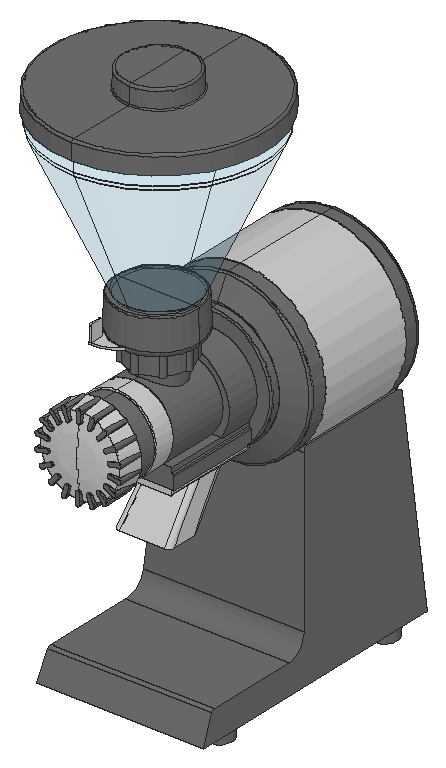
Revit family "QF_SANTOS_01BAR", category Specialty Equipment, Revit 2014
Parameters (values of type "01BAR")
  URL = "www.santos.fr"
  Show Logo [instance] = yes
  Show Clearance [instance] = yes
  Model = "01BAR"
  Manufacturer = "SANTOS"
  Description = "COFFEE GRINDER 01BAR"
  Assembly Code = "E1090320"
Reference planes
  plane 1 "Back": y = 0
  plane 2: z = 0
  plane 3 "Left": x = 0
  plane 4 "Right": x = 209.536
  plane 5 "Front": y = -337
  plane 6 "Top": z = 558.504
Forms (mm)
  Revolve 1, solid
    sketch origin (104.1, -5.501, 0) x (0, -1, 0) y (0, 0, 1)
      loop
        arc (14.667, 343.141) -> (13.254, 342.702) -> (12.223, 341.64) r 3
        line (12.223, 341.64) -> (0.596, 321.502) -> (0.596, 302.159) -> (-2.404, 302.002) -> (-2.404, 261.502) -> (14.667, 261.502) -> (14.667, 343.141)
      axis (-2.404, 261.502) -> (14.667, 261.502)
    angle from 0 to 360
  Revolve 2, solid
    sketch origin (104.1, -57.539, 0) x (0, -1, 0) y (0, 0, 1)
      loop
        arc (91.43, 341.645) -> (90.399, 342.703) -> (88.989, 343.141) r 3
        line (88.989, 343.141) -> (88.989, 261.502) -> (111.559, 261.502) -> (111.559, 319.502)
        arc (111.559, 319.502) -> (111.12, 320.563) -> (110.059, 321.002) r 1.5
        line (110.059, 321.002) -> (102.559, 321.002) -> (102.559, 322.368) -> (91.43, 341.645)
      axis (88.989, 261.502) -> (111.559, 261.502)
    angle from 0 to 360
  Revolve 3, solid
    sketch origin (167.796, 7.618, 0) x (0, -1, 0) y (0, 0, 1)
      loop
        line (231.484, 14.5) -> (231.99, 0) -> (243.967, 0) -> (243.967, 14.5) -> (231.484, 14.5)
      axis (243.967, 14.5) -> (243.967, 0)
    angle from 0 to 360
  Revolve 4, solid
    sketch origin (167.796, 207.512, 0) x (0, -1, 0) y (0, 0, 1)
      loop
        line (231.377, 14.5) -> (231.883, 0) -> (243.859, 0) -> (243.859, 14.5) -> (231.377, 14.5)
      axis (243.859, 14.5) -> (243.859, 0)
    angle from 0 to 360
  Revolve 5, solid
    sketch origin (40.958, 7.618, 0) x (0, -1, 0) y (0, 0, -1)
      loop
        line (231.484, -14.5) -> (243.967, -14.5) -> (243.967, 0) -> (231.99, 0) -> (231.484, -14.5)
      axis (243.967, -14.5) -> (243.967, 0)
    angle from 0 to 360
  Revolve 6, solid
    sketch origin (40.958, 207.512, 0) x (0, -1, 0) y (0, 0, -1)
      loop
        line (231.377, -14.5) -> (243.859, -14.5) -> (243.859, 0) -> (231.883, 0) -> (231.377, -14.5)
      axis (243.859, -14.5) -> (243.859, 0)
    angle from 0 to 360
  Extrusion 7, void
    sketch origin (202.796, -7.382, 0) x (1, 0, 0) y (0, 0, 1)
      loop
        line (-31.735, 219.4) -> (-17.115, 10.323) -> (20.979, 10.323) -> (20.979, 219.4) -> (-31.735, 219.4)
    from 0 to 285.059
  Extrusion 8, solid
    sketch origin (202.796, -7.382, 0) x (0, -1, 0) y (0, 0, 1)
      loop
        line (127.972, 210.588) -> (18.233, 210.588)
        arc (18.233, 210.588) -> (15.249, 209.352) -> (14.013, 206.368) r 4.22
        line (14.013, 206.368) -> (0.631, 15)
        arc (0.631, 15) -> (0.778, 14.646) -> (1.131, 14.5) r 0.5
        line (1.131, 14.5) -> (270.68, 14.5)
        arc (270.68, 14.5) -> (265.545, 27.256) -> (259.263, 39.489) r 150.001
        arc (259.263, 39.489) -> (257.792, 40.964) -> (255.779, 41.5) r 4
        line (255.779, 41.5) -> (164.997, 41.5)
        arc (164.997, 41.5) -> (151.485, 46.755) -> (145.073, 59.757) r 20
        line (145.073, 59.757) -> (132.252, 206.309)
        arc (132.252, 206.309) -> (130.998, 209.335) -> (127.972, 210.588) r 4.28
    from 0 to 213.974
  Extrusion 9, solid
    sketch origin (207.183, -27.355, 0) x (0, -1, 0) y (1, 0, 0)
      loop
        circle (15, -102.794) r 5
    from 11 to 14.5
  Extrusion 10, solid
    sketch origin (202.796, -7.382, 0) x (1, 0, 0) y (0, 0, 1)
      loop
        line (-135.408, 235.889) -> (-135.408, 231.916) -> (-136.822, 230.501)
        arc (-136.822, 230.501) -> (-137.256, 229.853) -> (-137.408, 229.087) r 2
        line (-137.408, 229.087) -> (-137.408, 216.501) -> (-59.407, 216.501) -> (-59.407, 229.087)
        arc (-59.407, 229.087) -> (-59.56, 229.853) -> (-59.993, 230.501) r 2
        line (-59.993, 230.501) -> (-61.407, 231.916) -> (-61.407, 235.889) -> (-70.625, 235.889)
        arc (-70.625, 235.889) -> (-98.696, 223.501) -> (-126.768, 235.889) r 38
        line (-126.768, 235.889) -> (-135.408, 235.889)
    from 161.716 to 254.599
  Revolve 11, solid
    sketch origin (104.1, -7.382, 0) x (0, -1, 0) y (0, 0, 1)
      loop
        line (261.145, 365.502) -> (326.223, 507.636)
        arc (326.223, 507.636) -> (326.876, 509.554) -> (327.129, 511.564) r 10
        line (327.129, 511.564) -> (327.377, 522.503) -> (224.216, 522.503) -> (224.216, 362.502) -> (260.095, 362.502) -> (261.145, 365.502)
      axis (224.216, 522.503) -> (224.216, 362.502)
    angle from 0 to 360
  Revolve 12, solid
    sketch origin (104.1, -7.382, 0) x (0, -1, 0) y (0, 0, 1)
      loop
        line (224.216, 558.504) -> (224.216, 522.503) -> (329.618, 522.503) -> (329.253, 538.549)
        arc (329.253, 538.549) -> (328.681, 539.931) -> (327.299, 540.503) r 1.954
        line (327.299, 540.503) -> (260.58, 540.503)
        arc (260.58, 540.503) -> (259.87, 540.781) -> (259.561, 541.481) r 1
        line (259.561, 541.481) -> (259.219, 556.549)
        arc (259.219, 556.549) -> (258.618, 557.934) -> (257.219, 558.504) r 2
        line (257.219, 558.504) -> (224.216, 558.504)
      axis (224.216, 558.504) -> (224.216, 522.503)
    angle from 0 to 360
  Revolve 13, solid
    sketch origin (198.746, -231.599, 0) x (1, 0, 0) y (0, 0, 1)
      loop
        arc (-135.748, 362.502) -> (-136.437, 362.217) -> (-136.722, 361.529) r 0.974
        line (-136.722, 361.529) -> (-137.48, 332.502)
        arc (-137.48, 332.502) -> (-135.723, 328.259) -> (-131.48, 326.502) r 6
        line (-131.48, 326.502) -> (-96.196, 326.502) -> (-96.196, 362.502) -> (-135.748, 362.502)
      axis (-96.196, 362.502) -> (-96.196, 326.502)
    angle from 0 to 360
  Revolve 14, solid
    sketch origin (104.1, -7.382, 0) x (0, -1, 0) y (0, 0, 1)
      loop
        line (275.848, 298.502) -> (275.848, 261.502) -> (298.398, 261.502) -> (298.398, 298.502) -> (275.848, 298.502)
      axis (298.398, 261.502) -> (275.848, 261.502)
    angle from 0 to 360
  Blend 15, solid
    base sketch origin (200.475, 57.618, -1.851) x (0, -1, 0) y (1, 0, 0)
      loop
        arc (276.267, -118.147) -> (277.732, -121.683) -> (281.267, -123.147) r 5
        line (281.267, -123.147) -> (304.848, -123.147)
        arc (304.848, -123.147) -> (308.383, -121.683) -> (309.848, -118.147) r 5
        line (309.848, -118.147) -> (309.848, -74.026)
        arc (309.848, -74.026) -> (308.383, -70.49) -> (304.848, -69.026) r 5
        line (304.848, -69.026) -> (281.267, -69.026)
        arc (281.267, -69.026) -> (277.732, -70.49) -> (276.267, -74.026) r 5
        line (276.267, -74.026) -> (276.267, -118.147)
    top sketch origin (200.475, 57.618, 0.219) x (0, -1, 0) y (1, 0, 0)
      loop
        arc (233.353, -114.541) -> (234.818, -118.076) -> (238.353, -119.541) r 5
        line (238.353, -119.541) -> (260.699, -119.541)
        arc (260.699, -119.541) -> (264.234, -118.076) -> (265.699, -114.541) r 5
        line (265.699, -114.541) -> (265.699, -77.632)
        arc (265.699, -77.632) -> (264.234, -74.097) -> (260.699, -72.632) r 5
        line (260.699, -72.632) -> (238.353, -72.632)
        arc (238.353, -72.632) -> (234.818, -74.097) -> (233.353, -77.632) r 5
        line (233.353, -77.632) -> (233.353, -114.541)
    from 158.067 to 211.411
  Extrusion 16, void
    sketch origin (-0.407, -7.382, 0) x (-1, 0, 0) y (0, 0, -1)
      loop
        line (-37.622, -219.4) -> (20.979, -219.4) -> (20.979, -10.323) -> (-22.847, -8.109) -> (-37.622, -219.4)
    from 0 to 285.059
  Revolve 17, solid
    sketch origin (104.1, -7.382, 0) x (0, 1, 0) y (0, 0, 1)
      loop
        line (-26.715, 343.802) -> (-124.716, 343.802) -> (-124.716, 261.502) -> (-26.715, 261.502) -> (-26.715, 343.802)
      axis (-26.715, 261.502) -> (-124.716, 261.502)
    angle from 0 to 360
  Revolve 18, solid
    sketch origin (104.1, 6.547, 0) x (0, 1, 0) y (0, 0, 1)
      loop
        line (-26.715, 343.141) -> (-40.645, 343.802) -> (-40.645, 261.502) -> (-26.715, 261.502) -> (-26.715, 343.141)
      loop
        line (-153.075, 343.117) -> (-153.075, 261.502) -> (-138.645, 261.502) -> (-138.645, 343.802) -> (-153.075, 343.117)
      axis (-26.715, 261.502) -> (-153.075, 261.502)
    angle from 0 to 360
  Extrusion 19, solid
    sketch origin (0, -8.014, 0) x (0, 1, 0) y (0, 0, 1)
      loop
        arc (-107.556, 194.134) -> (-112.282, 192.303) -> (-114.529, 187.76) r 6.993
        line (-114.529, 187.76) -> (-127.74, 37.127)
        arc (-127.74, 37.127) -> (-125.924, 31.796) -> (-120.767, 29.5) r 6.99
        line (-120.767, 29.5) -> (-26.912, 29.535)
        arc (-26.912, 29.535) -> (-21.796, 31.752) -> (-19.929, 37.005) r 6.991
        line (-19.929, 37.005) -> (-30.488, 187.638)
        arc (-30.488, 187.638) -> (-32.7, 192.261) -> (-37.471, 194.134) r 6.993
        line (-37.471, 194.134) -> (-107.556, 194.134)
      loop
        line (-49.156, 164.831) -> (-64.615, 164.831) -> (-64.615, 157.127)
        arc (-64.615, 157.127) -> (-63.946, 157.404) -> (-63.669, 158.073) r 0.946
        arc (-63.669, 158.073) -> (-58.482, 163.176) -> (-51.287, 162.097) r 8.145
        arc (-51.287, 162.097) -> (-50.056, 160.431) -> (-50.073, 158.361) r 3.268
        line (-50.073, 158.361) -> (-62.106, 155.36)
        arc (-62.106, 155.36) -> (-64.46, 153.014) -> (-64.551, 149.691) r 4.483
        line (-64.551, 149.691) -> (-64.551, 144.275) -> (-47.481, 144.275) -> (-47.481, 151.843)
        arc (-47.481, 151.843) -> (-47.971, 152.333) -> (-48.461, 151.843) r 0.49
        arc (-48.461, 151.843) -> (-48.9, 149.863) -> (-50.135, 148.253) r 4.687
        arc (-50.135, 148.253) -> (-55.778, 146.094) -> (-61.55, 147.878) r 9.251
        arc (-61.55, 147.878) -> (-62.485, 149.213) -> (-62.23, 150.823) r 2.177
        arc (-62.23, 150.823) -> (-60.657, 151.493) -> (-58.979, 151.817) r 8.049
        line (-58.979, 151.817) -> (-49.852, 153.924)
        arc (-49.852, 153.924) -> (-47.673, 156.04) -> (-47.558, 159.075) r 4.085
        line (-47.558, 159.075) -> (-47.558, 163.789)
        arc (-47.558, 163.789) -> (-47.686, 164.335) -> (-48.044, 164.767) r 1.229
        line (-48.044, 164.767) -> (-49.156, 164.831)
      loop
        line (-70.538, 152.537) -> (-69.352, 152.746)
        arc (-69.352, 152.746) -> (-68.606, 152.369) -> (-68.756, 151.546) r 0.698
        arc (-68.756, 151.546) -> (-69.564, 150.749) -> (-70.321, 149.904) r 18.5
        arc (-70.321, 149.904) -> (-70.589, 148.757) -> (-70.321, 147.61) r 2.585
        arc (-70.321, 147.61) -> (-69.344, 146.587) -> (-67.959, 146.301) r 2.375
        arc (-67.959, 146.301) -> (-67.104, 146.458) -> (-66.287, 146.752) r 5.274
        line (-66.287, 146.752) -> (-66.287, 148.45) -> (-67.244, 148.281)
        arc (-67.244, 148.281) -> (-68.162, 148.423) -> (-68.308, 149.34) r 0.789
        line (-68.308, 149.34) -> (-67.124, 150.524)
        arc (-67.124, 150.524) -> (-66.397, 152.26) -> (-67.124, 153.996) r 2.434
        arc (-67.124, 153.996) -> (-68.831, 154.694) -> (-70.538, 153.996) r 2.434
        line (-70.538, 153.996) -> (-70.538, 152.537)
      loop
        line (-70.957, 146.492) -> (-73.805, 154.554) -> (-75.493, 154.554) -> (-78.341, 146.492) -> (-76.681, 146.492) -> (-76.286, 147.61) -> (-73.012, 147.61) -> (-72.617, 146.492) -> (-70.957, 146.492)
      loop
        line (-73.649, 149.487) -> (-74.649, 151.499) -> (-75.649, 149.487) -> (-73.649, 149.487)
      loop
        line (-78.964, 146.568) -> (-78.964, 154.519) -> (-79.975, 154.519) -> (-83.075, 151.419) -> (-83.075, 154.554) -> (-85.233, 154.554) -> (-85.233, 146.568) -> (-84.309, 146.568) -> (-81.045, 149.831) -> (-81.045, 146.568) -> (-78.964, 146.568)
      loop
        line (-85.716, 154.554) -> (-90.798, 154.554) -> (-90.798, 152.468) -> (-89.408, 152.468) -> (-89.408, 146.491) -> (-87.25, 146.491) -> (-87.25, 152.4) -> (-85.716, 152.4) -> (-85.716, 154.554)
      loop
        circle (-94.909, 150.522) r 4.172
      loop
        circle (-94.909, 150.522) r 2.068
      loop
        line (-103.553, 152.537) -> (-102.367, 152.746)
        arc (-102.367, 152.746) -> (-101.621, 152.369) -> (-101.771, 151.546) r 0.698
        arc (-101.771, 151.546) -> (-102.579, 150.749) -> (-103.336, 149.904) r 18.5
        arc (-103.336, 149.904) -> (-103.604, 148.757) -> (-103.336, 147.61) r 2.585
        arc (-103.336, 147.61) -> (-102.359, 146.587) -> (-100.974, 146.301) r 2.375
        arc (-100.974, 146.301) -> (-100.119, 146.458) -> (-99.302, 146.752) r 5.274
        line (-99.302, 146.752) -> (-99.302, 148.45) -> (-100.259, 148.281)
        arc (-100.259, 148.281) -> (-101.177, 148.423) -> (-101.323, 149.34) r 0.789
        line (-101.323, 149.34) -> (-100.139, 150.524)
        arc (-100.139, 150.524) -> (-99.412, 152.26) -> (-100.139, 153.996) r 2.434
        arc (-100.139, 153.996) -> (-101.846, 154.694) -> (-103.553, 153.996) r 2.434
        line (-103.553, 153.996) -> (-103.553, 152.537)
    from 17.142 to 38.033
  Extrusion 20, void
    sketch origin (0, -8.014, 0) x (1, 0, 0) y (0, 0, 1)
      loop
        line (20.892, 14.64) -> (34.604, 210.728) -> (14.555, 210.728) -> (0.843, 14.64) -> (20.892, 14.64)
    from 12.786 to 130
  Extrusion 21, solid
    sketch origin (-6.162, -8.014, 2.039) x (0, 1, 0) y (0.069756, 0, 0.997564)
      loop
        circle (-75.962, 75.158) r 24.497
    from 13.781 to 26.109
  Extrusion 22, solid
    sketch origin (-6.162, -8.014, 2.039) x (0, 1, 0) y (0.069756, 0, 0.997564)
      loop
        arc (-64.132, 55.824) -> (-68.458, 75.286) -> (-64.798, 94.884) r 49.769
        arc (-64.798, 94.884) -> (-64.793, 96.377) -> (-65.823, 97.458) r 2
        arc (-65.823, 97.458) -> (-75.966, 99.655) -> (-86.107, 97.455) r 24.497
        arc (-86.107, 97.455) -> (-87.137, 96.374) -> (-87.132, 94.881) r 2
        arc (-87.132, 94.881) -> (-83.473, 75.286) -> (-87.798, 55.826) r 49.768
        arc (-87.798, 55.826) -> (-87.854, 54.334) -> (-86.862, 53.219) r 2
        arc (-86.862, 53.219) -> (-75.966, 50.661) -> (-65.069, 53.216) r 24.497
        arc (-65.069, 53.216) -> (-64.076, 54.331) -> (-64.132, 55.824) r 2
    from 2.63 to 13.781
  Revolve 23, solid
    sketch origin (104.1, -8.014, 0) x (0, 1, 0) y (0, 0, 1)
      loop
        line (-161.085, 305.502) -> (-193.716, 305.502) -> (-193.716, 260.502) -> (-161.085, 260.502) -> (-161.085, 305.502)
      axis (-161.085, 260.502) -> (-193.716, 260.502)
    angle from 0 to 360
  Revolve 24, solid
    sketch origin (104.1, -8.014, 0) x (0, 1, 0) y (0, 0, 1)
      loop
        line (-253.968, 261.502) -> (-253.968, 223.501) -> (-193.716, 223.501) -> (-193.716, 261.502) -> (-253.968, 261.502)
      axis (-193.716, 261.502) -> (-253.968, 261.502)
    angle from 0 to 360
  Revolve 25, solid
    sketch origin (104.1, -8.014, 0) x (0, 1, 0) y (0, 0, 1)
      loop
        line (-275.217, 261.502) -> (-253.968, 261.502) -> (-253.968, 299.502) -> (-274.217, 299.502)
        arc (-274.217, 299.502) -> (-274.924, 299.209) -> (-275.217, 298.502) r 1
        line (-275.217, 298.502) -> (-275.217, 261.502)
      axis (-253.968, 261.502) -> (-275.217, 261.502)
    angle from 0 to 360
  Revolve 26, solid
    sketch origin (104.1, -8.014, 0) x (0, 1, 0) y (0, 0, 1)
      loop
        line (-297.767, 261.502) -> (-297.767, 303.502)
        arc (-297.767, 303.502) -> (-308.342, 302.23) -> (-318.733, 299.883) r 104.096
        arc (-318.733, 299.883) -> (-322.211, 280.836) -> (-323.267, 261.502) r 153.665
        line (-323.267, 261.502) -> (-297.767, 261.502)
      axis (-297.767, 261.502) -> (-323.267, 261.502)
    angle from 0 to 360
  Extrusion 27, solid
    sketch origin (0, -8.014, 0) x (1, 0, 0) y (0, 0, 1)
      loop
        line (67.388, 216.501) -> (67.388, 212.63)
        arc (67.388, 212.63) -> (67.675, 211.929) -> (68.371, 211.63) r 1
        line (68.371, 211.63) -> (140.406, 211.63)
        arc (140.406, 211.63) -> (141.114, 211.923) -> (141.406, 212.63) r 1
        line (141.406, 212.63) -> (141.406, 216.501) -> (67.388, 216.501)
    from 161.085 to 253.968
  Extrusion 28, solid
    sketch origin (0, 0, 0) x (1, 0, 0) y (0, 0, 1)
      loop
        line (104.1, 288.002) -> (101.069, 286.252) -> (101.069, 282.752) -> (104.1, 281.002) -> (107.131, 282.752) -> (107.131, 286.252) -> (104.1, 288.002)
      loop
        line (104.1, 253.502) -> (101.069, 251.752) -> (101.069, 248.252) -> (104.1, 246.502) -> (107.131, 248.252) -> (107.131, 251.752) -> (104.1, 253.502)
    from 0 to 3.097
  Extrusion 29, solid
    sketch origin (-40.737, -3.101, 7.769) x (1, 0, 0) y (0, 1, 0)
      loop
        arc (141.757, -199.39) -> (133.655, -201.453) -> (126.466, -205.723) r 29.273
        arc (126.466, -205.723) -> (122.082, -205.723) -> (122.082, -210.107) r 3.1
        arc (122.082, -210.107) -> (117.812, -217.296) -> (115.749, -225.398) r 29.273
        arc (115.749, -225.398) -> (112.649, -228.498) -> (115.749, -231.598) r 3.1
        arc (115.749, -231.598) -> (117.812, -239.701) -> (122.082, -246.889) r 29.273
        arc (122.082, -246.889) -> (122.082, -251.273) -> (126.466, -251.273) r 3.1
        arc (126.466, -251.273) -> (133.655, -255.543) -> (141.757, -257.607) r 29.273
        arc (141.757, -257.607) -> (144.857, -260.707) -> (147.957, -257.607) r 3.1
        arc (147.957, -257.607) -> (156.06, -255.543) -> (163.248, -251.273) r 29.273
        arc (163.248, -251.273) -> (167.632, -251.273) -> (167.632, -246.889) r 3.1
        arc (167.632, -246.889) -> (171.902, -239.701) -> (173.966, -231.598) r 29.273
        arc (173.966, -231.598) -> (177.066, -228.498) -> (173.966, -225.398) r 3.1
        arc (173.966, -225.398) -> (171.902, -217.296) -> (167.632, -210.107) r 29.273
        arc (167.632, -210.107) -> (167.632, -205.723) -> (163.248, -205.723) r 3.1
        arc (163.248, -205.723) -> (156.06, -201.453) -> (147.957, -199.39) r 29.273
        arc (147.957, -199.39) -> (144.857, -196.29) -> (141.757, -199.39) r 3.1
    from 297.733 to 318.733
  Revolve 30, solid
    sketch origin (104.1, -3.101, 7.769) x (0, 1, 0) y (0, 0, 1)
      loop
        line (-204.666, 297.733) -> (-228.498, 297.733) -> (-228.498, 277.252) -> (-204.666, 277.252) -> (-204.666, 297.733)
      axis (-228.498, 297.733) -> (-228.498, 277.252)
    angle from 0 to 360
  Extrusion 31, solid
    sketch origin (332.5, -86.762, -2.79) x (0, -1, 0) y (1, 0, 0)
      loop
        line (174.786, -255.905) -> (194.786, -255.905)
        arc (194.786, -255.905) -> (193.874, -240.917) -> (185.433, -228.498) r 28.34
        arc (185.433, -228.498) -> (182.678, -243.199) -> (174.786, -255.905) r 40.596
    from 332.792 to 334.292
  Extrusion 32, solid
    sketch origin (-6.788, -86.762, -0.27) x (0, 1, 0) y (0, 0, 1)
      loop
        line (-181.842, 331.772) -> (-181.842, 345.272)
        arc (-181.842, 345.272) -> (-182.428, 346.687) -> (-183.842, 347.272) r 2
        line (-183.842, 347.272) -> (-192.786, 347.272)
        arc (-192.786, 347.272) -> (-194.2, 346.687) -> (-194.786, 345.272) r 2
        line (-194.786, 345.272) -> (-194.786, 331.772) -> (-181.842, 331.772)
    from 83.482 to 85.476
  Extrusion 33, solid
    sketch origin (0, 0, 0) x (1, 0, 0) y (0, 0, 1)
      loop
        arc (102.737, 292.507) -> (104.514, 290.497) -> (106.692, 292.062) r 2
        line (106.692, 292.062) -> (106.692, 299.41)
        arc (106.692, 299.41) -> (106.785, 300.473) -> (107.061, 301.503) r 6.119
        arc (107.061, 301.503) -> (104.715, 303.85) -> (102.368, 301.503) r 2.347
        arc (102.368, 301.503) -> (102.644, 300.473) -> (102.737, 299.41) r 6.119
        line (102.737, 299.41) -> (102.737, 292.507)
      loop
        arc (113.441, 291.203) -> (114.423, 288.706) -> (117.006, 289.432) r 2
        line (117.006, 289.432) -> (119.519, 296.336)
        arc (119.519, 296.336) -> (119.97, 297.303) -> (120.582, 298.177) r 6.119
        arc (120.582, 298.177) -> (119.179, 301.185) -> (116.171, 299.782) r 2.347
        arc (116.171, 299.782) -> (116.078, 298.72) -> (115.802, 297.689) r 6.119
        line (115.802, 297.689) -> (113.441, 291.203)
      loop
        arc (123.052, 286.316) -> (123.121, 283.634) -> (125.797, 283.433) r 2
        line (125.797, 283.433) -> (130.52, 289.062)
        arc (130.52, 289.062) -> (131.274, 289.816) -> (132.148, 290.428) r 6.119
        arc (132.148, 290.428) -> (131.858, 293.734) -> (128.552, 293.445) r 2.347
        arc (128.552, 293.445) -> (128.101, 292.478) -> (127.489, 291.604) r 6.119
        line (127.489, 291.604) -> (123.052, 286.316)
      loop
        arc (130.414, 278.436) -> (129.561, 275.893) -> (132.007, 274.788) r 2
        line (132.007, 274.788) -> (138.37, 278.463)
        arc (138.37, 278.463) -> (139.337, 278.913) -> (140.367, 279.189) r 6.119
        arc (140.367, 279.189) -> (141.226, 282.395) -> (138.02, 283.254) r 2.347
        arc (138.02, 283.254) -> (137.266, 282.5) -> (136.392, 281.888) r 6.119
        line (136.392, 281.888) -> (130.414, 278.436)
      loop
        arc (134.636, 268.515) -> (132.965, 266.416) -> (134.885, 264.542) r 2
        line (134.885, 264.542) -> (142.121, 265.819)
        arc (142.121, 265.819) -> (143.184, 265.912) -> (144.247, 265.819) r 6.119
        arc (144.247, 265.819) -> (146.15, 268.538) -> (143.431, 270.441) r 2.347
        arc (143.431, 270.441) -> (142.464, 269.99) -> (141.434, 269.714) r 6.119
        line (141.434, 269.714) -> (134.636, 268.515)
      loop
        arc (135.211, 257.746) -> (132.923, 256.346) -> (134.086, 253.928) r 2
        line (134.086, 253.928) -> (141.323, 252.653)
        arc (141.323, 252.653) -> (142.353, 252.377) -> (143.32, 251.926) r 6.119
        arc (143.32, 251.926) -> (146.038, 253.83) -> (144.134, 256.548) r 2.347
        arc (144.134, 256.548) -> (143.072, 256.455) -> (142.009, 256.548) r 6.119
        line (142.009, 256.548) -> (135.211, 257.746)
      loop
        arc (132.069, 247.432) -> (129.44, 246.899) -> (129.706, 244.229) r 2
        line (129.706, 244.229) -> (136.07, 240.556)
        arc (136.07, 240.556) -> (136.944, 239.944) -> (137.698, 239.19) r 6.119
        arc (137.698, 239.19) -> (140.904, 240.049) -> (140.045, 243.255) r 2.347
        arc (140.045, 243.255) -> (139.014, 243.531) -> (138.048, 243.982) r 6.119
        line (138.048, 243.982) -> (132.069, 247.432)
      loop
        arc (125.588, 238.814) -> (122.935, 239.211) -> (122.272, 236.612) r 2
        line (122.272, 236.612) -> (126.996, 230.983)
        arc (126.996, 230.983) -> (127.608, 230.11) -> (128.059, 229.143) r 6.119
        arc (128.059, 229.143) -> (131.365, 228.854) -> (131.654, 232.16) r 2.347
        arc (131.654, 232.16) -> (130.78, 232.772) -> (130.026, 233.526) r 6.119
        line (130.026, 233.526) -> (125.588, 238.814)
      loop
        arc (116.547, 232.931) -> (114.19, 234.212) -> (112.678, 231.996) r 2
        line (112.678, 231.996) -> (115.191, 225.091)
        arc (115.191, 225.091) -> (115.467, 224.061) -> (115.56, 222.999) r 6.119
        arc (115.56, 222.999) -> (118.568, 221.596) -> (119.97, 224.604) r 2.347
        arc (119.97, 224.604) -> (119.359, 225.478) -> (118.908, 226.444) r 6.119
        line (118.908, 226.444) -> (116.547, 232.931)
      loop
        arc (106.042, 230.496) -> (104.265, 232.506) -> (102.086, 230.941) r 2
        line (102.086, 230.941) -> (102.086, 223.593)
        arc (102.086, 223.593) -> (101.993, 222.53) -> (101.717, 221.5) r 6.119
        arc (101.717, 221.5) -> (104.064, 219.153) -> (106.411, 221.5) r 2.347
        arc (106.411, 221.5) -> (106.135, 222.53) -> (106.042, 223.593) r 6.119
        line (106.042, 223.593) -> (106.042, 230.496)
      loop
        arc (95.339, 231.8) -> (94.357, 234.297) -> (91.774, 233.571) r 2
        line (91.774, 233.571) -> (89.261, 226.666)
        arc (89.261, 226.666) -> (88.81, 225.7) -> (88.199, 224.826) r 6.119
        arc (88.199, 224.826) -> (89.601, 221.818) -> (92.609, 223.221) r 2.347
        arc (92.609, 223.221) -> (92.702, 224.283) -> (92.978, 225.314) r 6.119
        line (92.978, 225.314) -> (95.339, 231.8)
      loop
        arc (85.726, 236.687) -> (85.657, 239.369) -> (82.982, 239.571) r 2
        line (82.982, 239.571) -> (78.259, 233.942)
        arc (78.259, 233.942) -> (77.505, 233.187) -> (76.631, 232.576) r 6.119
        arc (76.631, 232.576) -> (76.92, 229.269) -> (80.227, 229.559) r 2.347
        arc (80.227, 229.559) -> (80.677, 230.525) -> (81.289, 231.399) r 6.119
        line (81.289, 231.399) -> (85.726, 236.687)
      loop
        arc (78.365, 244.567) -> (79.218, 247.111) -> (76.772, 248.215) r 2
        line (76.772, 248.215) -> (70.409, 244.54)
        arc (70.409, 244.54) -> (69.443, 244.089) -> (68.412, 243.813) r 6.119
        arc (68.412, 243.813) -> (67.554, 240.607) -> (70.76, 239.748) r 2.347
        arc (70.76, 239.748) -> (71.514, 240.503) -> (72.387, 241.115) r 6.119
        line (72.387, 241.115) -> (78.365, 244.567)
      loop
        arc (74.142, 254.489) -> (75.813, 256.588) -> (73.893, 258.462) r 2
        line (73.893, 258.462) -> (66.657, 257.185)
        arc (66.657, 257.185) -> (65.594, 257.092) -> (64.532, 257.185) r 6.119
        arc (64.532, 257.185) -> (62.628, 254.466) -> (65.347, 252.563) r 2.347
        arc (65.347, 252.563) -> (66.314, 253.013) -> (67.344, 253.29) r 6.119
        line (67.344, 253.29) -> (74.142, 254.489)
      loop
        arc (73.567, 265.256) -> (75.855, 266.657) -> (74.692, 269.074) r 2
        line (74.692, 269.074) -> (67.455, 270.349)
        arc (67.455, 270.349) -> (66.425, 270.625) -> (65.458, 271.076) r 6.119
        arc (65.458, 271.076) -> (62.74, 269.172) -> (64.644, 266.453) r 2.347
        arc (64.644, 266.453) -> (65.706, 266.546) -> (66.769, 266.453) r 6.119
        line (66.769, 266.453) -> (73.567, 265.256)
      loop
        arc (76.71, 275.571) -> (79.339, 276.105) -> (79.072, 278.775) r 2
        line (79.072, 278.775) -> (72.708, 282.448)
        arc (72.708, 282.448) -> (71.835, 283.059) -> (71.08, 283.814) r 6.119
        arc (71.08, 283.814) -> (67.875, 282.954) -> (68.734, 279.749) r 2.347
        arc (68.734, 279.749) -> (69.764, 279.473) -> (70.731, 279.022) r 6.119
        line (70.731, 279.022) -> (76.71, 275.571)
      loop
        arc (83.191, 284.19) -> (85.844, 283.792) -> (86.507, 286.392) r 2
        line (86.507, 286.392) -> (81.783, 292.02)
        arc (81.783, 292.02) -> (81.171, 292.894) -> (80.72, 293.86) r 6.119
        arc (80.72, 293.86) -> (77.414, 294.149) -> (77.125, 290.843) r 2.347
        arc (77.125, 290.843) -> (77.999, 290.231) -> (78.753, 289.477) r 6.119
        line (78.753, 289.477) -> (83.191, 284.19)
      loop
        arc (92.229, 290.072) -> (94.586, 288.791) -> (96.098, 291.007) r 2
        line (96.098, 291.007) -> (93.584, 297.912)
        arc (93.584, 297.912) -> (93.308, 298.942) -> (93.215, 300.004) r 6.119
        arc (93.215, 300.004) -> (90.207, 301.407) -> (88.805, 298.399) r 2.347
        arc (88.805, 298.399) -> (89.416, 297.525) -> (89.867, 296.558) r 6.119
        line (89.867, 296.558) -> (92.229, 290.072)
    from 305.781 to 329.747
Cuts and joins
  Extrusion 7, Extrusion 16 cuts Extrusion 8
  Extrusion 20 cuts Extrusion 19
Lines and regions (mm)
  symbolic lines, style "200-EquipBorder-2D"
    curve 1: line (185.354, -8.014, 0) -> (167.419, -8.014, 0)
    curve 2: line (164.1, -6.097, 0) -> (167.419, -8.014, 0)
    curve 3: line (164.1, -6.097, 0) -> (144.757, -6.097, 0)
    curve 4: line (144.757, -6.097, 0) -> (144.6, -3.097, 0)
    curve 5: line (144.6, -3.097, 0) -> (63.6, -3.097, 0)
    curve 6: line (63.6, -3.097, 0) -> (63.442, -6.097, 0)
    curve 7: line (63.442, -6.097, 0) -> (44.1, -6.097, 0)
    curve 8: line (44.1, -6.097, 0) -> (40.781, -8.014, 0)
    curve 9: line (40.781, -8.014, 0) -> (22.922, -8.014, 0)
    curve 10: line (22.922, -8.014, 0) -> (22.922, -18.659, 0)
    curve 11: line (22.46, -20.168, 0) -> (21.799, -34.098, 0)
    curve 12: arc (22.46, -20.168, 0) -> (22.597, -19.385, 0) -> (22.922, -18.659, 0) r 3.199
    curve 13: spline (12.828, -59.479, 0) -> (12.386, -60.314, 0) -> (11.973, -62.761, 0) -> (11.619, -66.654, 0) -> (11.348, -71.727, 0) -> (11.177, -77.636, 0) -> (11.119, -83.976, 0) -> (11.177, -90.316, 0) -> (11.348, -96.224, 0) -> (11.619, -101.298, 0) -> (11.973, -105.191, 0) -> (12.386, -107.638, 0) -> (12.828, -108.473, 0)
    curve 14: line (12.828, -59.479, 0) -> (21.799, -59.479, 0)
    curve 15: line (12.828, -108.473, 0) -> (21.799, -108.473, 0)
    curve 16: line (11.338, -95.98, 0) -> (0.366, -95.98, 0)
    curve 17: arc (0.366, -95.98, 0) -> (-0.004, -83.977, 0) -> (0.366, -71.974, 0) r 194.686
    curve 18: line (0.366, -71.974, 0) -> (11.338, -71.974, 0)
    curve 19: line (185.354, -8.014, 0) -> (185.354, -18.823, 0)
    curve 20: line (185.739, -20.168, 0) -> (186.4, -34.098, 0)
    curve 21: line (186.4, -34.098, 0) -> (186.4, -132.098, 0)
    curve 22: line (186.4, -132.098, 0) -> (185.716, -146.528, 0)
    curve 23: arc (185.354, -18.823, 0) -> (185.625, -19.473, 0) -> (185.739, -20.168, 0) r 3.049
    curve 24: line (101.069, 0, 0) -> (101.069, -3.097, 0)
    curve 25: line (107.131, 0, 0) -> (107.131, -3.097, 0)
    curve 26: line (107.131, 0, 0) -> (101.069, 0, 0)
    curve 27: arc (22.811, -164.506, 0) -> (104.1, -337, 0) -> (185.389, -164.506, 0) r 105.401
    curve 28: line (185.389, -164.506, 0) -> (185.389, -147.783, 0)
    curve 29: arc (185.389, -147.783, 0) -> (185.618, -147.172, 0) -> (185.716, -146.528, 0) r 3.157
    curve 30: line (21.799, -132.098, 0) -> (22.484, -146.528, 0)
    curve 31: line (22.811, -164.506, 0) -> (22.811, -147.783, 0)
    curve 32: arc (22.811, -147.783, 0) -> (22.582, -147.172, 0) -> (22.484, -146.528, 0) r 3.157
    curve 35: line (21.799, -34.098, 0) -> (21.799, -132.098, 0)
  symbolic lines, style "200-EquipInternal-2D"
    curve 33: circle (104.1, -231.599, 0) r 35.879 normal (0, 0, 1)
    curve 34: arc (22.811, -164.506, 0) -> (104.1, -126.198, 0) -> (185.389, -164.506, 0) r 105.401
Dimensions and locks
  aligned and locked: level to plane 2
Connectors
  electrical at (104.389, -42.355, 11)
    settings: on Extrusion 9, index 1, voltage 0 V, apparent load 0 VA, apparent load phase1 0 VA, apparent load phase2 0 VA, apparent load phase3 0 VA, power factor 1, load classification "Other", number of poles 1, system type 31, power factor state 1, is connector primary yes, connector utility no, sub classification motor no, connector description "Electrical connection"
